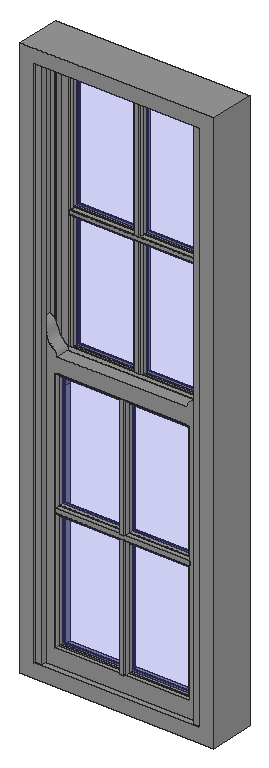
Revit family "HMEL7SP", category Windows, host Wall, Revit 2015
Parameters (values of type "HMEL7SP")
  Height = 1750 mm
  Default Lintel Height = 2100 mm
  Wall Closure = By host
  Width = 600 mm
Reference planes
  plane 1 "Center (Front/Back)": y = 0
  plane 2 "Center (Left/Right)": x = 0
  plane 3 "Left": x = -300
  plane 4 "Right": x = 300
  plane 5 "Sill": z = 350
  plane 6 "Head": z = 2100
  plane 7 "Exterior": y = 100
  plane 8 "Interior": y = -100
  plane 9: y = -28.5
  plane 10: y = 23.5
  plane 11: z = 1225
  plane 12: z = 1253.5
  plane 13: z = 1196.5
Forms (mm)
  Sweep 1, solid, material "Lauan, Meranti"
    path origin (-10500, 23.5, 2100) x (0, 0, -1) y (-1, 0, 0)
      loop
        line (0, -10800) -> (1750, -10800) -> (1750, -10200) -> (0, -10200) -> (0, -10800)
    profile origin (0, 23.5, 2100) x (0, 0, 1) y (0, 1, 0)
      loop
        line (0, 46.5) -> (-42, 46.5) -> (-42, -93.5) -> (0, -93.5) -> (0, 46.5)
  Extrusion 2, solid, material "Lauan, Meranti"
    sketch origin (-10450, 7.5, 1687.5) x (0, 0, -1) y (-1, 0, 0)
      loop
        line (491, -10651) -> (491, -10708) -> (576, -10708)
        spline (576, -10708) -> (568.022, -10695.331) -> (558.494, -10688.581) -> (548.752, -10685.386) -> (540.116, -10683.399) -> (533.202, -10681.197) -> (527.644, -10678.636) -> (523.005, -10675.669) -> (518.783, -10672.149) -> (514.297, -10667.644) -> (508.83, -10661.691) -> (501.472, -10655.147) -> (491, -10651)
      loop
        spline (491, -10249) -> (501.472, -10244.853) -> (508.83, -10238.309) -> (514.297, -10232.356) -> (518.783, -10227.851) -> (523.005, -10224.331) -> (527.644, -10221.364) -> (533.202, -10218.803) -> (540.116, -10216.601) -> (548.752, -10214.614) -> (558.494, -10211.419) -> (568.022, -10204.669) -> (576, -10192)
        line (576, -10192) -> (491, -10192) -> (491, -10249)
    from 0 to 42
  Extrusion 3, solid, material "Lauan, Meranti"
    sketch origin (-10450, -49.5, 762.5) x (0, 0, 1) y (1, 0, 0)
      loop
        spline (491, 10651) -> (501.472, 10655.147) -> (508.83, 10661.691) -> (514.297, 10667.644) -> (518.783, 10672.149) -> (523.005, 10675.669) -> (527.644, 10678.636) -> (533.202, 10681.197) -> (540.116, 10683.399) -> (548.752, 10685.386) -> (558.494, 10688.581) -> (568.022, 10695.331) -> (576, 10708)
        line (576, 10708) -> (491, 10708) -> (491, 10651)
      loop
        line (491, 10249) -> (491, 10192) -> (576, 10192)
        spline (576, 10192) -> (568.022, 10204.669) -> (558.494, 10211.419) -> (548.752, 10214.614) -> (540.116, 10216.601) -> (533.202, 10218.803) -> (527.644, 10221.364) -> (523.005, 10224.331) -> (518.783, 10227.851) -> (514.297, 10232.356) -> (508.83, 10238.309) -> (501.472, 10244.853) -> (491, 10249)
    from 0 to 42
  Extrusion 4, solid, material "Lauan, Meranti"
    sketch origin (-350, 0, -425) x (0, -1, 0) y (0, 0, 1)
      loop
        line (7.5, 1678.5) -> (-7.5, 1678.5) -> (-7.5, 1659.5) -> (-4.5, 1659.5) -> (-4.5, 1656.5) -> (7.5, 1656.5) -> (7.5, 1672) -> (0.5, 1672) -> (0.5, 1675) -> (7.5, 1675) -> (7.5, 1678.5)
    from -114 to -586
  Sweep 5, solid, material "Lauan, Meranti"
    path origin (-10573.682, 31, 1966.635) x (0, 0, -1) y (-1, 0, 0)
      loop
        line (-91.365, -10831.682) -> (770.135, -10831.682) -> (770.135, -10315.682) -> (-91.365, -10315.682) -> (-91.365, -10831.682)
    profile origin (0, 31, 2058) x (0, 0, 1) y (0, 1, 0)
      loop
        line (-48, 18.5) -> (-48, -6.5) -> (-57, -6.5) -> (-57, -14.499) -> (-53.996, -14.499)
        arc (-53.996, -14.499) -> (-52.238, -18.744) -> (-47.994, -20.502) r 6.002
        line (-47.994, -20.502) -> (-47.994, -23.5) -> (0, -23.5) -> (0, 18.5) -> (-48, 18.5)
  Sweep 6, solid, material "Lauan, Meranti"
    path origin (-10580.679, 16, 1764.851) x (0, 0, -1) y (-1, 0, 0)
      loop
        line (511.351, -10838.679) -> (1372.851, -10838.679) -> (1372.851, -10322.679) -> (511.351, -10322.679) -> (511.351, -10838.679)
    profile origin (0, 16, 1253.5) x (0, 0, 1) y (0, 1, 0)
      loop
        line (0, -65.5) -> (0, -23.5) -> (-48, -23.5) -> (-48, -48.5) -> (-57, -48.5) -> (-57, -56.499) -> (-53.996, -56.499)
        arc (-53.996, -56.499) -> (-52.238, -60.744) -> (-47.994, -62.502) r 6.002
        line (-47.994, -62.502) -> (-47.994, -65.5) -> (0, -65.5)
  Extrusion 7, solid, material "Lauan, Meranti"
    sketch origin (-4.429, 187.242, 731.33) x (1, 0, 0) y (0, 1, 0)
      loop
        line (240.429, -194.742) -> (243.929, -194.742) -> (243.929, -187.742) -> (246.929, -187.742) -> (246.929, -194.742) -> (262.429, -194.742) -> (262.429, -182.742) -> (259.429, -182.742) -> (259.429, -179.742) -> (240.429, -179.742) -> (240.429, -194.742)
      loop
        line (240.429, -236.742) -> (240.429, -251.742) -> (259.429, -251.742) -> (259.429, -248.742) -> (262.429, -248.742) -> (262.429, -236.742) -> (246.929, -236.742) -> (246.929, -243.742) -> (243.929, -243.742) -> (243.929, -236.742) -> (240.429, -236.742)
      loop
        line (-231.571, -194.742) -> (-231.571, -179.742) -> (-250.571, -179.742) -> (-250.571, -182.742) -> (-253.571, -182.742) -> (-253.571, -194.742) -> (-238.071, -194.742) -> (-238.071, -187.742) -> (-235.071, -187.742) -> (-235.071, -194.742) -> (-231.571, -194.742)
      loop
        line (-231.571, -236.742) -> (-235.071, -236.742) -> (-235.071, -243.742) -> (-238.071, -243.742) -> (-238.071, -236.742) -> (-253.571, -236.742) -> (-253.571, -248.742) -> (-250.571, -248.742) -> (-250.571, -251.742) -> (-231.571, -251.742) -> (-231.571, -236.742)
    from -339.33 to 1326.67
  Extrusion 8, solid, material "Lauan, Meranti"
    sketch origin (0, -31, -756.25) x (1, 0, 0) y (0, 1, 0)
      loop
        line (-6.5, 23.5) -> (-6.5, -1.5) -> (-15.5, -1.5) -> (-15.5, -9.5) -> (-12.5, -9.5)
        arc (-12.5, -9.5) -> (-10.743, -13.743) -> (-6.5, -15.5) r 6
        line (-6.5, -15.5) -> (-6.5, -18.5) -> (6.5, -18.5) -> (6.5, -15.5)
        arc (6.5, -15.5) -> (10.743, -13.743) -> (12.5, -9.5) r 6
        line (12.5, -9.5) -> (15.5, -9.5) -> (15.5, -1.5) -> (6.5, -1.5) -> (6.5, 23.5) -> (-6.5, 23.5)
    from 1585.5 to 1961.75
  Sweep 9, solid, material "Lauan, Meranti"
    path origin (-463.766, 50.5, -1359.166) x (1, 0, 0) y (0, 0, 1)
      loop
        line (457.266, 2564.666) -> (253.766, 2564.666) -> (253.766, 2188.416) -> (457.266, 2188.416) -> (457.266, 2564.666)
    profile origin (-108.25, 50.5, 1205.5) x (0, 0, -1) y (0, -1, 0)
      loop
        arc (0, 68.6) -> (4.67, 70.234) -> (7, 74.6) r 6.807
        line (7, 74.6) -> (9, 74.6) -> (9, 76.6) -> (0, 76.6) -> (0, 68.6)
  Sweep 10, solid, material "Lauan, Meranti"
    path origin (463.766, 50.5, -1359.166) x (-1, 0, 0) y (0, 0, -1)
      loop
        line (457.266, -2564.666) -> (457.266, -2188.416) -> (253.766, -2188.416) -> (253.766, -2564.666) -> (457.266, -2564.666)
    profile origin (108.25, 50.5, 1205.5) x (0, 0, 1) y (0, -1, 0)
      loop
        line (0, 68.6) -> (0, 76.6) -> (-9, 76.6) -> (-9, 74.6) -> (-7, 74.6)
        arc (-7, 74.6) -> (-4.67, 70.234) -> (0, 68.6) r 6.807
  Extrusion 11, solid, material "Glass"
    sketch origin (-10697.216, -32.5, 1036.841) x (0, 0, -1) y (-1, 0, 0)
      loop
        line (-168.659, -10907.216) -> (207.591, -10907.216) -> (207.591, -10703.716) -> (-168.659, -10703.716) -> (-168.659, -10907.216)
      loop
        line (-168.659, -10690.716) -> (207.591, -10690.716) -> (207.591, -10487.216) -> (-168.659, -10487.216) -> (-168.659, -10690.716)
      loop
        line (220.591, -10907.216) -> (596.841, -10907.216) -> (596.841, -10703.716) -> (220.591, -10703.716) -> (220.591, -10907.216)
      loop
        line (220.591, -10690.716) -> (596.841, -10690.716) -> (596.841, -10487.216) -> (220.591, -10487.216) -> (220.591, -10690.716)
    from 0 to 6.4
  Extrusion 12, solid, material "Lauan, Meranti"
    sketch origin (1499, -31, 822.75) x (0, 0, 1) y (0, 1, 0)
      loop
        line (-6.5, 23.5) -> (-6.5, -1.5) -> (-15.5, -1.5) -> (-15.5, -9.5) -> (-12.5, -9.5)
        arc (-12.5, -9.5) -> (-10.743, -13.743) -> (-6.5, -15.5) r 6
        line (-6.5, -15.5) -> (-6.5, -18.5) -> (6.5, -18.5) -> (6.5, -15.5)
        arc (6.5, -15.5) -> (10.743, -13.743) -> (12.5, -9.5) r 6
        line (12.5, -9.5) -> (15.5, -9.5) -> (15.5, -1.5) -> (6.5, -1.5) -> (6.5, 23.5) -> (-6.5, 23.5)
    from 1289 to 1709
  Extrusion 13, solid, material "Lauan, Meranti"
    sketch origin (0, -31, -1151.75) x (1, 0, 0) y (0, 1, 0)
      loop
        line (-6.5, 23.5) -> (-6.5, -1.5) -> (-15.5, -1.5) -> (-15.5, -9.5) -> (-12.5, -9.5)
        arc (-12.5, -9.5) -> (-10.743, -13.743) -> (-6.5, -15.5) r 6
        line (-6.5, -15.5) -> (-6.5, -18.5) -> (6.5, -18.5) -> (6.5, -15.5)
        arc (6.5, -15.5) -> (10.743, -13.743) -> (12.5, -9.5) r 6
        line (12.5, -9.5) -> (15.5, -9.5) -> (15.5, -1.5) -> (6.5, -1.5) -> (6.5, 23.5) -> (-6.5, 23.5)
    from 1591.75 to 1968
  Sweep 14, solid, material "Lauan, Meranti"
    path origin (-463.766, 50.5, -1754.666) x (1, 0, 0) y (0, 0, 1)
      loop
        line (457.266, 2570.916) -> (253.766, 2570.916) -> (253.766, 2194.666) -> (457.266, 2194.666) -> (457.266, 2570.916)
    profile origin (-108.25, 50.5, 816.25) x (0, 0, -1) y (0, -1, 0)
      loop
        arc (0, 68.6) -> (4.67, 70.234) -> (7, 74.6) r 6.807
        line (7, 74.6) -> (9, 74.6) -> (9, 76.6) -> (0, 76.6) -> (0, 68.6)
  Sweep 15, solid, material "Lauan, Meranti"
    path origin (463.766, 50.5, -1754.666) x (-1, 0, 0) y (0, 0, -1)
      loop
        line (457.266, -2570.916) -> (457.266, -2194.666) -> (253.766, -2194.666) -> (253.766, -2570.916) -> (457.266, -2570.916)
    profile origin (108.25, 50.5, 816.25) x (0, 0, 1) y (0, -1, 0)
      loop
        line (0, 68.6) -> (0, 76.6) -> (-9, 76.6) -> (-9, 74.6) -> (-7, 74.6)
        arc (-7, 74.6) -> (-4.67, 70.234) -> (0, 68.6) r 6.807
  Extrusion 16, solid, material "Lauan, Meranti"
    sketch origin (0, 26, 48.25) x (1, 0, 0) y (0, 1, 0)
      loop
        line (-6.5, 23.5) -> (-6.5, -1.5) -> (-15.5, -1.5) -> (-15.5, -9.5) -> (-12.5, -9.5)
        arc (-12.5, -9.5) -> (-10.743, -13.743) -> (-6.5, -15.5) r 6
        line (-6.5, -15.5) -> (-6.5, -18.5) -> (6.5, -18.5) -> (6.5, -15.5)
        arc (6.5, -15.5) -> (10.743, -13.743) -> (12.5, -9.5) r 6
        line (12.5, -9.5) -> (15.5, -9.5) -> (15.5, -1.5) -> (6.5, -1.5) -> (6.5, 23.5) -> (-6.5, 23.5)
    from 1585.5 to 1961.75
  Sweep 17, solid, material "Lauan, Meranti"
    path origin (-463.766, 107.5, -554.666) x (1, 0, 0) y (0, 0, 1)
      loop
        line (457.266, 2564.666) -> (253.766, 2564.666) -> (253.766, 2188.416) -> (457.266, 2188.416) -> (457.266, 2564.666)
    profile origin (-108.25, 107.5, 2010) x (0, 0, -1) y (0, -1, 0)
      loop
        arc (0, 68.6) -> (4.67, 70.234) -> (7, 74.6) r 6.807
        line (7, 74.6) -> (9, 74.6) -> (9, 76.6) -> (0, 76.6) -> (0, 68.6)
  Sweep 18, solid, material "Lauan, Meranti"
    path origin (463.766, 107.5, -554.666) x (-1, 0, 0) y (0, 0, -1)
      loop
        line (457.266, -2564.666) -> (457.266, -2188.416) -> (253.766, -2188.416) -> (253.766, -2564.666) -> (457.266, -2564.666)
    profile origin (108.25, 107.5, 2010) x (0, 0, 1) y (0, -1, 0)
      loop
        line (0, 68.6) -> (0, 76.6) -> (-9, 76.6) -> (-9, 74.6) -> (-7, 74.6)
        arc (-7, 74.6) -> (-4.67, 70.234) -> (0, 68.6) r 6.807
  Extrusion 19, solid, material "Glass"
    sketch origin (-10697.216, 24.5, 1841.341) x (0, 0, -1) y (-1, 0, 0)
      loop
        line (-168.659, -10907.216) -> (207.591, -10907.216) -> (207.591, -10703.716) -> (-168.659, -10703.716) -> (-168.659, -10907.216)
      loop
        line (-168.659, -10690.716) -> (207.591, -10690.716) -> (207.591, -10487.216) -> (-168.659, -10487.216) -> (-168.659, -10690.716)
      loop
        line (220.591, -10907.216) -> (596.841, -10907.216) -> (596.841, -10703.716) -> (220.591, -10703.716) -> (220.591, -10907.216)
      loop
        line (220.591, -10690.716) -> (596.841, -10690.716) -> (596.841, -10487.216) -> (220.591, -10487.216) -> (220.591, -10690.716)
    from 0 to 6.4
  Extrusion 20, solid, material "Lauan, Meranti"
    sketch origin (1499, 26, 1627.25) x (0, 0, 1) y (0, 1, 0)
      loop
        line (-6.5, 23.5) -> (-6.5, -1.5) -> (-15.5, -1.5) -> (-15.5, -9.5) -> (-12.5, -9.5)
        arc (-12.5, -9.5) -> (-10.743, -13.743) -> (-6.5, -15.5) r 6
        line (-6.5, -15.5) -> (-6.5, -18.5) -> (6.5, -18.5) -> (6.5, -15.5)
        arc (6.5, -15.5) -> (10.743, -13.743) -> (12.5, -9.5) r 6
        line (12.5, -9.5) -> (15.5, -9.5) -> (15.5, -1.5) -> (6.5, -1.5) -> (6.5, 23.5) -> (-6.5, 23.5)
    from 1289 to 1709
  Extrusion 21, solid, material "Lauan, Meranti"
    sketch origin (0, 26, -347.25) x (1, 0, 0) y (0, 1, 0)
      loop
        line (-6.5, 23.5) -> (-6.5, -1.5) -> (-15.5, -1.5) -> (-15.5, -9.5) -> (-12.5, -9.5)
        arc (-12.5, -9.5) -> (-10.743, -13.743) -> (-6.5, -15.5) r 6
        line (-6.5, -15.5) -> (-6.5, -18.5) -> (6.5, -18.5) -> (6.5, -15.5)
        arc (6.5, -15.5) -> (10.743, -13.743) -> (12.5, -9.5) r 6
        line (12.5, -9.5) -> (15.5, -9.5) -> (15.5, -1.5) -> (6.5, -1.5) -> (6.5, 23.5) -> (-6.5, 23.5)
    from 1591.75 to 1968
  Sweep 22, solid, material "Lauan, Meranti"
    path origin (-463.766, 107.5, -950.166) x (1, 0, 0) y (0, 0, 1)
      loop
        line (457.266, 2570.916) -> (253.766, 2570.916) -> (253.766, 2194.666) -> (457.266, 2194.666) -> (457.266, 2570.916)
    profile origin (-108.25, 107.5, 1620.75) x (0, 0, -1) y (0, -1, 0)
      loop
        arc (0, 68.6) -> (4.67, 70.234) -> (7, 74.6) r 6.807
        line (7, 74.6) -> (9, 74.6) -> (9, 76.6) -> (0, 76.6) -> (0, 68.6)
  Sweep 23, solid, material "Lauan, Meranti"
    path origin (463.766, 107.5, -950.166) x (-1, 0, 0) y (0, 0, -1)
      loop
        line (457.266, -2570.916) -> (457.266, -2194.666) -> (253.766, -2194.666) -> (253.766, -2570.916) -> (457.266, -2570.916)
    profile origin (108.25, 107.5, 1620.75) x (0, 0, 1) y (0, -1, 0)
      loop
        line (0, 68.6) -> (0, 76.6) -> (-9, 76.6) -> (-9, 74.6) -> (-7, 74.6)
        arc (-7, 74.6) -> (-4.67, 70.234) -> (0, 68.6) r 6.807
Cuts and joins
  joined: Extrusion 2, Sweep 5
  joined: Extrusion 3, Sweep 6
Lines and regions (mm)
  Opening 1
    outline origin (3500, -100, 0) x (1, 0, 0) y (0, 0, 1)
      loop
        line (-3200, 350) -> (-3200, 2100) -> (-3800, 2100) -> (-3800, 350) -> (-3200, 350)
  model lines
    curve 1: line (258, 49.5, 2058) -> (0, 49.5, 1196.5)
    curve 2: line (-258, 49.5, 2058) -> (0, 49.5, 1196.5)
    curve 3: line (-113.25, -7.5, 557.422) -> (-113.25, -7.5, 957.422)
    curve 4: line (-113.25, -7.5, 1096.5) -> (-57.059, -7.5, 957.422)
    curve 5: line (-57.059, -7.5, 957.422) -> (-169.441, -7.5, 957.422)
    curve 6: line (-113.25, -7.5, 1096.5) -> (-169.441, -7.5, 957.422)
Text (mm)
  text "EXTERIOR" at (-1963.203, 1332.353, 0), in view "Ref. Level"
  text "INTERIOR" at (-1981.466, -818.386, 0), in view "Ref. Level"
  text "Exterior" at (0, 923.751, 2943.296), in view "Right"
  text "Exterior" at (0, 1040.484, 2685.409), in view "Left"
Dimensions and locks
  equal spacing: plane 3 "Left", plane 2 "Center (Left/Right)", plane 4 "Right"
  "Width": plane 3 "Left" to plane 4 "Right"
  "Height": plane 5 "Sill" to plane 6 "Head"
  "Default Lintel Height": plane 6 "Head" to level
  locked: plane 7 "Exterior" to host wall at 0
  locked: plane 8 "Interior" to host wall
  locked: plane 10 to plane 9 at 52
  plane 3 "Left" to plane 4 "Right" = 600 mm
  aligned and locked: Sweep 1 sketch curve to host wall  (x4)
  aligned and locked: Sweep 6 sketch curve to Sweep 1  (x2)
  aligned and locked: Sweep 6 sketch curve to plane 12
  aligned and locked: Sweep 1 to Sweep 6 sketch curve
  aligned and locked: Extrusion 7 to Sweep 1  (x2)
  aligned and locked: Sweep 5 sketch curve to plane 13
  aligned and locked: Sweep 1 to Sweep 5 sketch curve
  aligned and locked: Sweep 5 sketch curve to Sweep 1  (x2)
  aligned and locked: Extrusion 4 to Extrusion 7  (x2)
  aligned and locked: Sweep 9 sketch curve to Extrusion 8
  aligned and locked: Extrusion 11 sketch curve to Extrusion 8  (x2)
  aligned and locked: Extrusion 11 sketch curve to Sweep 9
  aligned and locked: Extrusion 11 sketch curve to Extrusion 12  (x2)
  aligned and locked: Extrusion 11 sketch curve to Extrusion 13  (x3)
  aligned and locked: Sweep 10 sketch curve to Extrusion 11
  aligned and locked: Sweep 10 sketch curve to Extrusion 8
  aligned and locked: Sweep 15 sketch curve to Extrusion 11  (x2)
  aligned and locked: Sweep 14 sketch curve to Extrusion 11  (x2)
  aligned and locked: Sweep 17 sketch curve to Extrusion 16
  aligned and locked: Extrusion 19 sketch curve to Extrusion 16  (x2)
  aligned and locked: Extrusion 19 sketch curve to Sweep 17
  aligned and locked: Extrusion 19 sketch curve to Extrusion 20  (x2)
  aligned and locked: Extrusion 19 sketch curve to Extrusion 21  (x3)
  aligned and locked: Sweep 18 sketch curve to Extrusion 19
  aligned and locked: Sweep 18 sketch curve to Extrusion 16
  aligned and locked: Sweep 23 sketch curve to Extrusion 19  (x2)
  aligned and locked: Sweep 22 sketch curve to Extrusion 19  (x2)
Automatic sketch dimensions
  plane 3 "Left" to Opening 1 sketch curve = 0 mm
  plane 4 "Right" to Opening 1 sketch curve = 0 mm
  Opening 1 sketch curve to plane 5 "Sill" = 0 mm
  Opening 1 sketch curve to plane 6 "Head" = 0 mm
  profile plane to Sweep 1 sketch curve = 0 mm
  profile plane to Sweep 1 sketch curve = 42 mm
  Sweep 1 sketch curve to plane 10 = 93.5 mm
  plane 10 to Sweep 1 sketch curve = 46.5 mm
  plane 2 "Center (Left/Right)" to curve 1 = 0 mm
  curve 1 to plane 13 = 0 mm
  curve 2 to plane 3 "Left" = 42 mm
  plane 4 "Right" to curve 1 = 42 mm
  plane 6 "Head" to curve 1 = 42 mm
  plane 6 "Head" to curve 2 = 42 mm
  plane 13 to curve 6 = 100 mm
  curve 4 to curve 5 = 139.078 mm
  curve 5 to plane 3 "Left" = 130.559 mm
  plane 2 "Center (Left/Right)" to curve 6 = 113.25 mm
  plane 2 "Center (Left/Right)" to curve 5 = 57.059 mm
  curve 3 to plane 5 "Sill" = 207.422 mm
  curve 3 to curve 4 = 56.191 mm
  Extrusion 2 sketch curve to plane 13 = 0 mm  (x2)
  Extrusion 2 sketch curve to plane 3 "Left" = 42 mm
  Extrusion 2 sketch curve to Extrusion 2 sketch curve = 85 mm  (x2)
  plane 4 "Right" to Extrusion 2 sketch curve = 42 mm
  Extrusion 2 sketch curve to Extrusion 2 sketch curve = 57 mm  (x2)
  Extrusion 3 sketch curve to plane 12 = 0 mm  (x2)
  Extrusion 3 sketch curve to plane 3 "Left" = 42 mm
  Extrusion 3 sketch curve to Extrusion 3 sketch curve = 85 mm  (x2)
  plane 4 "Right" to Extrusion 3 sketch curve = 42 mm
  Extrusion 3 sketch curve to Extrusion 3 sketch curve = 57 mm  (x2)
  Extrusion 4 sketch curve to plane 12 = 0 mm
  Extrusion 4 sketch curve to host wall = 7.5 mm
  Extrusion 4 sketch curve to Extrusion 4 sketch curve = 3 mm  (x2)
  host wall to Extrusion 4 sketch curve = 0.5 mm
  Extrusion 4 sketch curve to Extrusion 4 sketch curve = 7 mm
  host wall to Extrusion 4 sketch curve = 7.5 mm
  Extrusion 4 sketch curve to plane 12 = 3.5 mm
  plane 11 to Extrusion 4 sketch curve = 9.5 mm
  plane 11 to Extrusion 4 sketch curve = 6.5 mm
  profile plane to Sweep 5 sketch curve = 0 mm
  Sweep 5 sketch curve to profile plane = 23.5 mm
  profile plane to Sweep 5 sketch curve = 47.994 mm
  Sweep 5 sketch curve to Sweep 5 sketch curve = 0.006 mm
  Sweep 5 sketch curve to Sweep 5 sketch curve = 6.002 mm
  Sweep 5 sketch curve to Sweep 5 sketch curve = 3.004 mm
  Sweep 5 sketch curve to Sweep 5 sketch curve = 2.998 mm
  Sweep 5 sketch curve to profile plane = 6.5 mm
  profile plane to Sweep 5 sketch curve = 18.5 mm
  profile plane to Sweep 6 sketch curve = 0 mm
  profile plane to Sweep 6 sketch curve = 47.994 mm
  Sweep 6 sketch curve to Sweep 6 sketch curve = 0.006 mm
  Sweep 6 sketch curve to Sweep 6 sketch curve = 6.002 mm
  Sweep 6 sketch curve to Sweep 6 sketch curve = 3.004 mm
  Sweep 6 sketch curve to profile plane = 65.5 mm
  Sweep 6 sketch curve to Sweep 6 sketch curve = 2.998 mm
  Sweep 6 sketch curve to Sweep 6 sketch curve = 7.999 mm
  Sweep 6 sketch curve to profile plane = 23.5 mm
  Extrusion 7 sketch curve to plane 3 "Left" = 42 mm  (x2)
  host wall to Extrusion 7 sketch curve = 7.5 mm  (x2)
  Extrusion 7 sketch curve to Extrusion 7 sketch curve = 3 mm  (x11)
  Extrusion 7 sketch curve to Extrusion 7 sketch curve = 15.5 mm  (x2)
  host wall to Extrusion 7 sketch curve = 0.5 mm  (x2)
  Extrusion 7 sketch curve to Extrusion 7 sketch curve = 3.5 mm  (x4)
  plane 4 "Right" to Extrusion 7 sketch curve = 64 mm
  Extrusion 7 sketch curve to plane 9 = 21 mm
  Extrusion 7 sketch curve to Extrusion 7 sketch curve = 0 mm  (x4)
  Extrusion 7 sketch curve to Extrusion 7 sketch curve = 12.5 mm  (x2)
  Extrusion 7 sketch curve to host wall = 4.5 mm  (x2)
  Extrusion 7 sketch curve to Extrusion 7 sketch curve = 7 mm  (x2)
  Extrusion 7 sketch curve to plane 9 = 28 mm
  Extrusion 7 sketch curve to Extrusion 7 sketch curve = 5 mm  (x2)
  Extrusion 7 sketch curve to Extrusion 7 sketch curve = 12 mm
  Extrusion 7 sketch curve to host wall = 7.5 mm
  plane 2 "Center (Left/Right)" to Extrusion 8 sketch curve = 15.5 mm
  Extrusion 8 sketch curve to Extrusion 8 sketch curve = 3 mm  (x3)
  plane 2 "Center (Left/Right)" to Extrusion 8 sketch curve = 6.5 mm  (x2)
  Extrusion 8 sketch curve to plane 2 "Center (Left/Right)" = 6.5 mm  (x2)
  Extrusion 8 sketch curve to Extrusion 8 sketch curve = 6 mm
  Extrusion 8 sketch curve to plane 9 = 4 mm  (x2)
  Extrusion 8 sketch curve to Extrusion 8 sketch curve = 8 mm
  Extrusion 8 sketch curve to plane 9 = 12 mm
  host wall to Extrusion 8 sketch curve = 7.5 mm
  Sweep 9 sketch curve to plane 3 "Left" = 90 mm
  plane 13 to Sweep 9 sketch curve = 367.25 mm
  Sweep 9 sketch curve to plane 13 = 9 mm
  Sweep 9 sketch curve to profile plane = 0 mm
  Sweep 9 sketch curve to profile plane = 0.241 mm
  Sweep 9 sketch curve to Sweep 9 sketch curve = 6.759 mm
  Sweep 9 sketch curve to Sweep 9 sketch curve = 2 mm  (x2)
  profile plane to Sweep 9 sketch curve = 68.6 mm
  Sweep 9 sketch curve to Sweep 9 sketch curve = 6 mm
  plane 4 "Right" to Sweep 10 sketch curve = 90 mm
  Sweep 10 sketch curve to plane 13 = 9 mm
  profile plane to Sweep 10 sketch curve = 0 mm
  profile plane to Sweep 10 sketch curve = 0.241 mm
  Sweep 10 sketch curve to Sweep 10 sketch curve = 6.759 mm
  Sweep 10 sketch curve to Sweep 10 sketch curve = 2 mm  (x2)
  profile plane to Sweep 10 sketch curve = 68.6 mm
  Sweep 10 sketch curve to Sweep 10 sketch curve = 6 mm
  Extrusion 11 sketch curve to plane 13 = 9 mm  (x2)
  Extrusion 11 sketch curve to plane 5 "Sill" = 90 mm
  Extrusion 11 sketch curve to Extrusion 11 sketch curve = 0 mm  (x2)
  plane 4 "Right" to Extrusion 11 sketch curve = 90 mm
  Extrusion 11 sketch curve to plane 3 "Left" = 90 mm  (x2)
  Extrusion 12 sketch curve to plane 9 = 12 mm
  plane 13 to Extrusion 12 sketch curve = 389.25 mm
  Extrusion 12 sketch curve to Extrusion 12 sketch curve = 3 mm  (x3)
  Extrusion 12 sketch curve to plane 9 = 4 mm  (x2)
  Extrusion 12 sketch curve to Extrusion 12 sketch curve = 9 mm
  Extrusion 12 sketch curve to Extrusion 12 sketch curve = 6 mm  (x2)
  Extrusion 12 sketch curve to Extrusion 12 sketch curve = 13 mm  (x2)
  Extrusion 12 sketch curve to Extrusion 12 sketch curve = 0 mm
  host wall to Extrusion 12 sketch curve = 7.5 mm
  plane 2 "Center (Left/Right)" to Extrusion 13 sketch curve = 15.5 mm
  Extrusion 13 sketch curve to Extrusion 13 sketch curve = 3 mm  (x3)
  plane 2 "Center (Left/Right)" to Extrusion 13 sketch curve = 6.5 mm  (x2)
  Extrusion 13 sketch curve to plane 2 "Center (Left/Right)" = 6.5 mm  (x2)
  Extrusion 13 sketch curve to Extrusion 13 sketch curve = 6 mm
  Extrusion 13 sketch curve to plane 9 = 4 mm  (x2)
  Extrusion 13 sketch curve to Extrusion 13 sketch curve = 8 mm
  Extrusion 13 sketch curve to plane 9 = 12 mm
  host wall to Extrusion 13 sketch curve = 7.5 mm
  Sweep 14 sketch curve to plane 3 "Left" = 90 mm
  Sweep 14 sketch curve to plane 5 "Sill" = 90 mm
  Sweep 14 sketch curve to profile plane = 0 mm
  Sweep 14 sketch curve to profile plane = 0.241 mm
  Sweep 14 sketch curve to Sweep 14 sketch curve = 6.759 mm
  Sweep 14 sketch curve to Sweep 14 sketch curve = 2 mm  (x2)
  profile plane to Sweep 14 sketch curve = 68.6 mm
  Sweep 14 sketch curve to Sweep 14 sketch curve = 6 mm
  plane 4 "Right" to Sweep 15 sketch curve = 90 mm
  Sweep 15 sketch curve to plane 5 "Sill" = 90 mm
  profile plane to Sweep 15 sketch curve = 0 mm
  profile plane to Sweep 15 sketch curve = 0.241 mm
  Sweep 15 sketch curve to Sweep 15 sketch curve = 6.759 mm
  Sweep 15 sketch curve to Sweep 15 sketch curve = 2 mm  (x2)
  profile plane to Sweep 15 sketch curve = 68.6 mm
  Sweep 15 sketch curve to Sweep 15 sketch curve = 6 mm
  Extrusion 16 sketch curve to plane 10 = 7 mm
  plane 2 "Center (Left/Right)" to Extrusion 16 sketch curve = 15.5 mm
  Extrusion 16 sketch curve to Extrusion 16 sketch curve = 3 mm  (x3)
  plane 10 to Extrusion 16 sketch curve = 1 mm  (x2)
  plane 2 "Center (Left/Right)" to Extrusion 16 sketch curve = 6.5 mm  (x2)
  Extrusion 16 sketch curve to plane 2 "Center (Left/Right)" = 6.5 mm  (x2)
  Extrusion 16 sketch curve to Extrusion 16 sketch curve = 6 mm
  Extrusion 16 sketch curve to host wall = 10.5 mm
  Extrusion 16 sketch curve to Extrusion 16 sketch curve = 25 mm
  Sweep 17 sketch curve to plane 3 "Left" = 90 mm
  plane 12 to Sweep 17 sketch curve = 380.25 mm
  plane 6 "Head" to Sweep 17 sketch curve = 90 mm
  Sweep 17 sketch curve to profile plane = 0 mm
  Sweep 17 sketch curve to profile plane = 0.241 mm
  Sweep 17 sketch curve to Sweep 17 sketch curve = 6.759 mm
  Sweep 17 sketch curve to Sweep 17 sketch curve = 2 mm  (x2)
  profile plane to Sweep 17 sketch curve = 68.6 mm
  Sweep 17 sketch curve to Sweep 17 sketch curve = 6 mm
  plane 4 "Right" to Sweep 18 sketch curve = 90 mm
  plane 6 "Head" to Sweep 18 sketch curve = 90 mm
  profile plane to Sweep 18 sketch curve = 0 mm
  profile plane to Sweep 18 sketch curve = 0.241 mm
  Sweep 18 sketch curve to Sweep 18 sketch curve = 6.759 mm
  Sweep 18 sketch curve to Sweep 18 sketch curve = 2 mm  (x2)
  profile plane to Sweep 18 sketch curve = 68.6 mm
  Sweep 18 sketch curve to Sweep 18 sketch curve = 6 mm
  plane 6 "Head" to Extrusion 19 sketch curve = 90 mm
  Extrusion 19 sketch curve to Extrusion 19 sketch curve = 0 mm  (x2)
  Extrusion 19 sketch curve to plane 12 = 9 mm  (x2)
  plane 4 "Right" to Extrusion 19 sketch curve = 90 mm
  Extrusion 19 sketch curve to plane 3 "Left" = 90 mm  (x2)
  Extrusion 20 sketch curve to plane 10 = 7 mm
  plane 12 to Extrusion 20 sketch curve = 358.25 mm
  Extrusion 20 sketch curve to Extrusion 20 sketch curve = 3 mm  (x3)
  plane 10 to Extrusion 20 sketch curve = 1 mm  (x2)
  Extrusion 20 sketch curve to Extrusion 20 sketch curve = 9 mm
  Extrusion 20 sketch curve to Extrusion 20 sketch curve = 6 mm  (x2)
  Extrusion 20 sketch curve to Extrusion 20 sketch curve = 13 mm  (x2)
  Extrusion 20 sketch curve to host wall = 10.5 mm
  Extrusion 20 sketch curve to Extrusion 20 sketch curve = 25 mm
  Extrusion 21 sketch curve to plane 10 = 7 mm
  plane 2 "Center (Left/Right)" to Extrusion 21 sketch curve = 15.5 mm
  Extrusion 21 sketch curve to Extrusion 21 sketch curve = 3 mm  (x3)
  plane 10 to Extrusion 21 sketch curve = 1 mm  (x2)
  plane 2 "Center (Left/Right)" to Extrusion 21 sketch curve = 6.5 mm  (x2)
  Extrusion 21 sketch curve to plane 2 "Center (Left/Right)" = 6.5 mm  (x2)
  Extrusion 21 sketch curve to Extrusion 21 sketch curve = 6 mm
  Extrusion 21 sketch curve to host wall = 10.5 mm
  Extrusion 21 sketch curve to Extrusion 21 sketch curve = 25 mm
  Sweep 22 sketch curve to plane 12 = 9 mm
  Sweep 22 sketch curve to plane 3 "Left" = 90 mm
  Sweep 22 sketch curve to profile plane = 0 mm
  Sweep 22 sketch curve to profile plane = 0.241 mm
  Sweep 22 sketch curve to Sweep 22 sketch curve = 6.759 mm
  Sweep 22 sketch curve to Sweep 22 sketch curve = 2 mm  (x2)
  profile plane to Sweep 22 sketch curve = 68.6 mm
  Sweep 22 sketch curve to Sweep 22 sketch curve = 6 mm
  Sweep 23 sketch curve to plane 12 = 9 mm
  plane 4 "Right" to Sweep 23 sketch curve = 90 mm
  profile plane to Sweep 23 sketch curve = 0 mm
  profile plane to Sweep 23 sketch curve = 0.241 mm
  Sweep 23 sketch curve to Sweep 23 sketch curve = 6.759 mm
  Sweep 23 sketch curve to Sweep 23 sketch curve = 2 mm  (x2)
  profile plane to Sweep 23 sketch curve = 68.6 mm
  Sweep 23 sketch curve to Sweep 23 sketch curve = 6 mm
